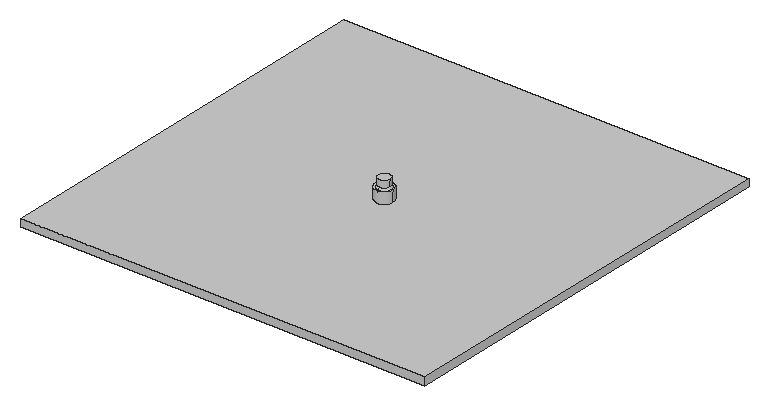
Revit family "SG0086523061CW", category Aparatos sanitarios, Revit 2019 (continued)
Automatic sketch dimensions
  Extrusion 160 sketch curve to plane 6 = 75.0 mm
  plane 3 "Centro (Izquierda/Derecha)" to Extrusion 161 sketch curve = 25.0 mm
  Extrusion 161 sketch curve to plane 6 = 75.0 mm
  plane 3 "Centro (Izquierda/Derecha)" to Extrusion 162 sketch curve = 50.0 mm
  Extrusion 162 sketch curve to plane 6 = 75.0 mm
  plane 3 "Centro (Izquierda/Derecha)" to Extrusion 163 sketch curve = 50.0 mm
  Extrusion 163 sketch curve to plane 6 = 75.0 mm
  plane 3 "Centro (Izquierda/Derecha)" to Extrusion 164 sketch curve = 75.0 mm
  Extrusion 164 sketch curve to plane 6 = 75.0 mm
  plane 3 "Centro (Izquierda/Derecha)" to Extrusion 165 sketch curve = 75.0 mm
  Extrusion 165 sketch curve to plane 6 = 75.0 mm
  plane 3 "Centro (Izquierda/Derecha)" to Extrusion 166 sketch curve = 100.0 mm
  Extrusion 166 sketch curve to plane 6 = 75.0 mm
  plane 3 "Centro (Izquierda/Derecha)" to Extrusion 167 sketch curve = 100.0 mm
  Extrusion 167 sketch curve to plane 6 = 75.0 mm
  plane 3 "Centro (Izquierda/Derecha)" to Extrusion 168 sketch curve = 125.0 mm
  Extrusion 168 sketch curve to plane 6 = 75.0 mm
  plane 3 "Centro (Izquierda/Derecha)" to Extrusion 169 sketch curve = 125.0 mm
  Extrusion 169 sketch curve to plane 6 = 75.0 mm
  plane 3 "Centro (Izquierda/Derecha)" to Extrusion 170 sketch curve = 150.0 mm
  Extrusion 170 sketch curve to plane 6 = 75.0 mm
  plane 3 "Centro (Izquierda/Derecha)" to Extrusion 171 sketch curve = 150.0 mm
  Extrusion 171 sketch curve to plane 6 = 75.0 mm
  Extrusion 172 sketch curve to plane 6 = 75.0 mm
  plane 3 "Centro (Izquierda/Derecha)" to Extrusion 172 sketch curve = 175.0 mm
  Extrusion 173 sketch curve to plane 6 = 75.0 mm
  plane 3 "Centro (Izquierda/Derecha)" to Extrusion 173 sketch curve = 175.0 mm
  Extrusion 174 sketch curve to plane 6 = 75.0 mm
  plane 3 "Centro (Izquierda/Derecha)" to Extrusion 174 sketch curve = 200.0 mm
  Extrusion 175 sketch curve to plane 6 = 75.0 mm
  plane 3 "Centro (Izquierda/Derecha)" to Extrusion 175 sketch curve = 200.0 mm
  Extrusion 176 sketch curve to plane 6 = 75.0 mm
  plane 5 to Extrusion 176 sketch curve = 175.0 mm
  Extrusion 177 sketch curve to plane 6 = 75.0 mm
  plane 5 to Extrusion 177 sketch curve = 175.0 mm
  plane 5 to Extrusion 178 sketch curve = 150.0 mm
  Extrusion 178 sketch curve to plane 6 = 75.0 mm
  plane 5 to Extrusion 179 sketch curve = 150.0 mm
  Extrusion 179 sketch curve to plane 6 = 75.0 mm
  plane 5 to Extrusion 180 sketch curve = 125.0 mm
  Extrusion 180 sketch curve to plane 6 = 75.0 mm
  plane 5 to Extrusion 181 sketch curve = 125.0 mm
  Extrusion 181 sketch curve to plane 6 = 75.0 mm
  plane 5 to Extrusion 182 sketch curve = 100.0 mm
  Extrusion 182 sketch curve to plane 6 = 75.0 mm
  plane 5 to Extrusion 183 sketch curve = 100.0 mm
  Extrusion 183 sketch curve to plane 6 = 75.0 mm
  plane 5 to Extrusion 184 sketch curve = 75.0 mm
  Extrusion 184 sketch curve to plane 6 = 75.0 mm
  plane 5 to Extrusion 185 sketch curve = 75.0 mm
  Extrusion 185 sketch curve to plane 6 = 75.0 mm
  plane 5 to Extrusion 186 sketch curve = 50.0 mm
  Extrusion 186 sketch curve to plane 6 = 75.0 mm
  plane 5 to Extrusion 187 sketch curve = 50.0 mm
  Extrusion 187 sketch curve to plane 6 = 75.0 mm
  plane 5 to Extrusion 188 sketch curve = 25.0 mm
  Extrusion 188 sketch curve to plane 6 = 75.0 mm
  plane 5 to Extrusion 189 sketch curve = 25.0 mm
  Extrusion 189 sketch curve to plane 6 = 75.0 mm
  Extrusion 190 sketch curve to plane 4 = 25.0 mm
  Extrusion 190 sketch curve to plane 6 = 100.0 mm
  Extrusion 191 sketch curve to plane 4 = 25.0 mm
  Extrusion 191 sketch curve to plane 6 = 100.0 mm
  Extrusion 192 sketch curve to plane 4 = 50.0 mm
  Extrusion 192 sketch curve to plane 6 = 100.0 mm
  Extrusion 193 sketch curve to plane 4 = 50.0 mm
  Extrusion 193 sketch curve to plane 6 = 100.0 mm
  Extrusion 194 sketch curve to plane 4 = 75.0 mm
  Extrusion 194 sketch curve to plane 6 = 100.0 mm
  Extrusion 195 sketch curve to plane 4 = 75.0 mm
  Extrusion 195 sketch curve to plane 6 = 100.0 mm
  Extrusion 196 sketch curve to plane 4 = 100.0 mm
  Extrusion 196 sketch curve to plane 6 = 100.0 mm
  Extrusion 197 sketch curve to plane 4 = 100.0 mm
  Extrusion 197 sketch curve to plane 6 = 100.0 mm
  Extrusion 198 sketch curve to plane 4 = 125.0 mm
  Extrusion 198 sketch curve to plane 6 = 100.0 mm
  Extrusion 199 sketch curve to plane 4 = 125.0 mm
  Extrusion 199 sketch curve to plane 6 = 100.0 mm
  Extrusion 200 sketch curve to plane 4 = 150.0 mm
  Extrusion 200 sketch curve to plane 6 = 100.0 mm
  Extrusion 201 sketch curve to plane 4 = 150.0 mm
  Extrusion 201 sketch curve to plane 6 = 100.0 mm
  Extrusion 202 sketch curve to plane 4 = 175.0 mm
  Extrusion 202 sketch curve to plane 6 = 100.0 mm
  Extrusion 203 sketch curve to plane 4 = 175.0 mm
  Extrusion 203 sketch curve to plane 6 = 100.0 mm
  Extrusion 204 sketch curve to plane 3 "Centro (Izquierda/Derecha)" = 200.0 mm
  Extrusion 204 sketch curve to plane 6 = 100.0 mm
  Extrusion 205 sketch curve to plane 3 "Centro (Izquierda/Derecha)" = 200.0 mm
  Extrusion 205 sketch curve to plane 6 = 100.0 mm
  Extrusion 206 sketch curve to plane 3 "Centro (Izquierda/Derecha)" = 175.0 mm
  Extrusion 206 sketch curve to plane 6 = 100.0 mm
  Extrusion 207 sketch curve to plane 3 "Centro (Izquierda/Derecha)" = 175.0 mm
  Extrusion 207 sketch curve to plane 6 = 100.0 mm
  Extrusion 208 sketch curve to plane 3 "Centro (Izquierda/Derecha)" = 150.0 mm
  Extrusion 208 sketch curve to plane 6 = 100.0 mm
  Extrusion 209 sketch curve to plane 3 "Centro (Izquierda/Derecha)" = 150.0 mm
  Extrusion 209 sketch curve to plane 6 = 100.0 mm
  Extrusion 210 sketch curve to plane 3 "Centro (Izquierda/Derecha)" = 125.0 mm
  Extrusion 210 sketch curve to plane 6 = 100.0 mm
  Extrusion 211 sketch curve to plane 3 "Centro (Izquierda/Derecha)" = 125.0 mm
  Extrusion 211 sketch curve to plane 6 = 100.0 mm
  Extrusion 212 sketch curve to plane 3 "Centro (Izquierda/Derecha)" = 100.0 mm
  Extrusion 212 sketch curve to plane 6 = 100.0 mm
  Extrusion 213 sketch curve to plane 3 "Centro (Izquierda/Derecha)" = 100.0 mm
  Extrusion 213 sketch curve to plane 6 = 100.0 mm
  Extrusion 214 sketch curve to plane 3 "Centro (Izquierda/Derecha)" = 75.0 mm
  Extrusion 214 sketch curve to plane 6 = 100.0 mm
  Extrusion 215 sketch curve to plane 3 "Centro (Izquierda/Derecha)" = 75.0 mm
  Extrusion 215 sketch curve to plane 6 = 100.0 mm
  Extrusion 216 sketch curve to plane 3 "Centro (Izquierda/Derecha)" = 50.0 mm
  Extrusion 216 sketch curve to plane 6 = 100.0 mm
  Extrusion 217 sketch curve to plane 3 "Centro (Izquierda/Derecha)" = 50.0 mm
  Extrusion 217 sketch curve to plane 6 = 100.0 mm
  Extrusion 218 sketch curve to plane 3 "Centro (Izquierda/Derecha)" = 25.0 mm
  Extrusion 218 sketch curve to plane 6 = 100.0 mm
  Extrusion 219 sketch curve to plane 3 "Centro (Izquierda/Derecha)" = 25.0 mm
  Extrusion 219 sketch curve to plane 6 = 100.0 mm
  Extrusion 220 sketch curve to plane 3 "Centro (Izquierda/Derecha)" = 0.0 mm
  Extrusion 220 sketch curve to plane 6 = 100.0 mm
  Extrusion 221 sketch curve to plane 3 "Centro (Izquierda/Derecha)" = 0.0 mm
  Extrusion 221 sketch curve to plane 6 = 100.0 mm
  plane 3 "Centro (Izquierda/Derecha)" to Extrusion 222 sketch curve = 25.0 mm
  Extrusion 222 sketch curve to plane 6 = 100.0 mm
  plane 3 "Centro (Izquierda/Derecha)" to Extrusion 223 sketch curve = 25.0 mm
  Extrusion 223 sketch curve to plane 6 = 100.0 mm
  plane 3 "Centro (Izquierda/Derecha)" to Extrusion 224 sketch curve = 50.0 mm
  Extrusion 224 sketch curve to plane 6 = 100.0 mm
  plane 3 "Centro (Izquierda/Derecha)" to Extrusion 225 sketch curve = 50.0 mm
  Extrusion 225 sketch curve to plane 6 = 100.0 mm
  plane 3 "Centro (Izquierda/Derecha)" to Extrusion 226 sketch curve = 75.0 mm
  Extrusion 226 sketch curve to plane 6 = 100.0 mm
  plane 3 "Centro (Izquierda/Derecha)" to Extrusion 227 sketch curve = 75.0 mm
  Extrusion 227 sketch curve to plane 6 = 100.0 mm
  plane 3 "Centro (Izquierda/Derecha)" to Extrusion 228 sketch curve = 100.0 mm
  Extrusion 228 sketch curve to plane 6 = 100.0 mm
  plane 3 "Centro (Izquierda/Derecha)" to Extrusion 229 sketch curve = 100.0 mm
  Extrusion 229 sketch curve to plane 6 = 100.0 mm
  plane 3 "Centro (Izquierda/Derecha)" to Extrusion 230 sketch curve = 125.0 mm
  Extrusion 230 sketch curve to plane 6 = 100.0 mm
  plane 3 "Centro (Izquierda/Derecha)" to Extrusion 231 sketch curve = 125.0 mm
  Extrusion 231 sketch curve to plane 6 = 100.0 mm
  plane 3 "Centro (Izquierda/Derecha)" to Extrusion 232 sketch curve = 150.0 mm
  Extrusion 232 sketch curve to plane 6 = 100.0 mm
  plane 3 "Centro (Izquierda/Derecha)" to Extrusion 233 sketch curve = 150.0 mm
  Extrusion 233 sketch curve to plane 6 = 100.0 mm
  plane 3 "Centro (Izquierda/Derecha)" to Extrusion 234 sketch curve = 175.0 mm
  Extrusion 234 sketch curve to plane 6 = 100.0 mm
  plane 3 "Centro (Izquierda/Derecha)" to Extrusion 235 sketch curve = 175.0 mm
  Extrusion 235 sketch curve to plane 6 = 100.0 mm
  plane 3 "Centro (Izquierda/Derecha)" to Extrusion 236 sketch curve = 200.0 mm
  Extrusion 236 sketch curve to plane 6 = 100.0 mm
  plane 3 "Centro (Izquierda/Derecha)" to Extrusion 237 sketch curve = 200.0 mm
  Extrusion 237 sketch curve to plane 6 = 100.0 mm
  plane 5 to Extrusion 238 sketch curve = 175.0 mm
  Extrusion 238 sketch curve to plane 6 = 100.0 mm
  plane 5 to Extrusion 239 sketch curve = 175.0 mm
  Extrusion 239 sketch curve to plane 6 = 100.0 mm
  plane 5 to Extrusion 240 sketch curve = 150.0 mm
  Extrusion 240 sketch curve to plane 6 = 100.0 mm
  plane 5 to Extrusion 241 sketch curve = 150.0 mm
  Extrusion 241 sketch curve to plane 6 = 100.0 mm
  plane 5 to Extrusion 242 sketch curve = 125.0 mm
  Extrusion 242 sketch curve to plane 6 = 100.0 mm
  plane 5 to Extrusion 243 sketch curve = 125.0 mm
  Extrusion 243 sketch curve to plane 6 = 100.0 mm
  plane 5 to Extrusion 244 sketch curve = 100.0 mm
  Extrusion 244 sketch curve to plane 6 = 100.0 mm
  plane 5 to Extrusion 245 sketch curve = 100.0 mm
  Extrusion 245 sketch curve to plane 6 = 100.0 mm
  plane 5 to Extrusion 246 sketch curve = 75.0 mm
  Extrusion 246 sketch curve to plane 6 = 100.0 mm
  plane 5 to Extrusion 247 sketch curve = 75.0 mm
  Extrusion 247 sketch curve to plane 6 = 100.0 mm
  plane 5 to Extrusion 248 sketch curve = 50.0 mm
  Extrusion 248 sketch curve to plane 6 = 100.0 mm
  plane 5 to Extrusion 249 sketch curve = 50.0 mm
  Extrusion 249 sketch curve to plane 6 = 100.0 mm
  plane 5 to Extrusion 250 sketch curve = 25.0 mm
  Extrusion 250 sketch curve to plane 6 = 100.0 mm
  plane 5 to Extrusion 251 sketch curve = 25.0 mm
  Extrusion 251 sketch curve to plane 6 = 100.0 mm
  Extrusion 252 sketch curve to plane 4 = 25.0 mm
  Extrusion 252 sketch curve to plane 6 = 125.0 mm
  Extrusion 253 sketch curve to plane 4 = 25.0 mm
  Extrusion 253 sketch curve to plane 6 = 125.0 mm
  Extrusion 254 sketch curve to plane 4 = 50.0 mm
  Extrusion 254 sketch curve to plane 6 = 125.0 mm
  Extrusion 255 sketch curve to plane 4 = 50.0 mm
  Extrusion 255 sketch curve to plane 6 = 125.0 mm
  Extrusion 256 sketch curve to plane 4 = 75.0 mm
  Extrusion 256 sketch curve to plane 6 = 125.0 mm
  Extrusion 257 sketch curve to plane 4 = 75.0 mm
  Extrusion 257 sketch curve to plane 6 = 125.0 mm
  Extrusion 258 sketch curve to plane 4 = 100.0 mm
  Extrusion 258 sketch curve to plane 6 = 125.0 mm
  Extrusion 259 sketch curve to plane 4 = 100.0 mm
  Extrusion 259 sketch curve to plane 6 = 125.0 mm
  Extrusion 260 sketch curve to plane 4 = 125.0 mm
  Extrusion 260 sketch curve to plane 6 = 125.0 mm
  Extrusion 261 sketch curve to plane 4 = 125.0 mm
  Extrusion 261 sketch curve to plane 6 = 125.0 mm
  Extrusion 262 sketch curve to plane 4 = 150.0 mm
  Extrusion 262 sketch curve to plane 6 = 125.0 mm
  Extrusion 263 sketch curve to plane 4 = 150.0 mm
  Extrusion 263 sketch curve to plane 6 = 125.0 mm
  Extrusion 264 sketch curve to plane 4 = 175.0 mm
  Extrusion 264 sketch curve to plane 6 = 125.0 mm
  Extrusion 265 sketch curve to plane 4 = 175.0 mm
  Extrusion 265 sketch curve to plane 6 = 125.0 mm
  Extrusion 266 sketch curve to plane 3 "Centro (Izquierda/Derecha)" = 200.0 mm
  Extrusion 266 sketch curve to plane 6 = 125.0 mm
  Extrusion 267 sketch curve to plane 3 "Centro (Izquierda/Derecha)" = 200.0 mm
  Extrusion 267 sketch curve to plane 6 = 125.0 mm
  Extrusion 268 sketch curve to plane 3 "Centro (Izquierda/Derecha)" = 175.0 mm
  Extrusion 268 sketch curve to plane 6 = 125.0 mm
  Extrusion 269 sketch curve to plane 3 "Centro (Izquierda/Derecha)" = 175.0 mm
  Extrusion 269 sketch curve to plane 6 = 125.0 mm
  Extrusion 270 sketch curve to plane 3 "Centro (Izquierda/Derecha)" = 150.0 mm
  Extrusion 270 sketch curve to plane 6 = 125.0 mm
  Extrusion 271 sketch curve to plane 3 "Centro (Izquierda/Derecha)" = 150.0 mm
  Extrusion 271 sketch curve to plane 6 = 125.0 mm
  Extrusion 272 sketch curve to plane 3 "Centro (Izquierda/Derecha)" = 125.0 mm
  Extrusion 272 sketch curve to plane 6 = 125.0 mm
  Extrusion 273 sketch curve to plane 3 "Centro (Izquierda/Derecha)" = 125.0 mm
  Extrusion 273 sketch curve to plane 6 = 125.0 mm
  Extrusion 274 sketch curve to plane 3 "Centro (Izquierda/Derecha)" = 100.0 mm
  Extrusion 274 sketch curve to plane 6 = 125.0 mm
  Extrusion 275 sketch curve to plane 3 "Centro (Izquierda/Derecha)" = 100.0 mm
  Extrusion 275 sketch curve to plane 6 = 125.0 mm
  Extrusion 276 sketch curve to plane 3 "Centro (Izquierda/Derecha)" = 75.0 mm
  Extrusion 276 sketch curve to plane 6 = 125.0 mm
  Extrusion 277 sketch curve to plane 3 "Centro (Izquierda/Derecha)" = 75.0 mm
  Extrusion 277 sketch curve to plane 6 = 125.0 mm
  Extrusion 278 sketch curve to plane 3 "Centro (Izquierda/Derecha)" = 50.0 mm
  Extrusion 278 sketch curve to plane 6 = 125.0 mm
  Extrusion 279 sketch curve to plane 3 "Centro (Izquierda/Derecha)" = 50.0 mm
  Extrusion 279 sketch curve to plane 6 = 125.0 mm
  Extrusion 280 sketch curve to plane 3 "Centro (Izquierda/Derecha)" = 25.0 mm
  Extrusion 280 sketch curve to plane 6 = 125.0 mm
  Extrusion 281 sketch curve to plane 3 "Centro (Izquierda/Derecha)" = 25.0 mm
  Extrusion 281 sketch curve to plane 6 = 125.0 mm
  Extrusion 282 sketch curve to plane 3 "Centro (Izquierda/Derecha)" = 0.0 mm
  Extrusion 282 sketch curve to plane 6 = 125.0 mm
  Extrusion 283 sketch curve to plane 3 "Centro (Izquierda/Derecha)" = 0.0 mm
  Extrusion 283 sketch curve to plane 6 = 125.0 mm
  plane 3 "Centro (Izquierda/Derecha)" to Extrusion 284 sketch curve = 25.0 mm
  Extrusion 284 sketch curve to plane 6 = 125.0 mm
  plane 3 "Centro (Izquierda/Derecha)" to Extrusion 285 sketch curve = 25.0 mm
  Extrusion 285 sketch curve to plane 6 = 125.0 mm
  plane 3 "Centro (Izquierda/Derecha)" to Extrusion 286 sketch curve = 50.0 mm
  Extrusion 286 sketch curve to plane 6 = 125.0 mm
  plane 3 "Centro (Izquierda/Derecha)" to Extrusion 287 sketch curve = 50.0 mm
  Extrusion 287 sketch curve to plane 6 = 125.0 mm
  plane 3 "Centro (Izquierda/Derecha)" to Extrusion 288 sketch curve = 75.0 mm
  Extrusion 288 sketch curve to plane 6 = 125.0 mm
  plane 3 "Centro (Izquierda/Derecha)" to Extrusion 289 sketch curve = 75.0 mm
  Extrusion 289 sketch curve to plane 6 = 125.0 mm
  plane 3 "Centro (Izquierda/Derecha)" to Extrusion 290 sketch curve = 100.0 mm
  Extrusion 290 sketch curve to plane 6 = 125.0 mm
  plane 3 "Centro (Izquierda/Derecha)" to Extrusion 291 sketch curve = 100.0 mm
  Extrusion 291 sketch curve to plane 6 = 125.0 mm
  plane 3 "Centro (Izquierda/Derecha)" to Extrusion 292 sketch curve = 125.0 mm
  Extrusion 292 sketch curve to plane 6 = 125.0 mm
  plane 3 "Centro (Izquierda/Derecha)" to Extrusion 293 sketch curve = 125.0 mm
  Extrusion 293 sketch curve to plane 6 = 125.0 mm
  plane 3 "Centro (Izquierda/Derecha)" to Extrusion 294 sketch curve = 150.0 mm
  Extrusion 294 sketch curve to plane 6 = 125.0 mm
  plane 3 "Centro (Izquierda/Derecha)" to Extrusion 295 sketch curve = 150.0 mm
  Extrusion 295 sketch curve to plane 6 = 125.0 mm
  plane 3 "Centro (Izquierda/Derecha)" to Extrusion 296 sketch curve = 175.0 mm
  Extrusion 296 sketch curve to plane 6 = 125.0 mm
  plane 3 "Centro (Izquierda/Derecha)" to Extrusion 297 sketch curve = 175.0 mm
  Extrusion 297 sketch curve to plane 6 = 125.0 mm
  plane 3 "Centro (Izquierda/Derecha)" to Extrusion 298 sketch curve = 200.0 mm
  Extrusion 298 sketch curve to plane 6 = 125.0 mm
  plane 3 "Centro (Izquierda/Derecha)" to Extrusion 299 sketch curve = 200.0 mm
  Extrusion 299 sketch curve to plane 6 = 125.0 mm
  plane 5 to Extrusion 300 sketch curve = 175.0 mm
  Extrusion 300 sketch curve to plane 6 = 125.0 mm
  plane 5 to Extrusion 301 sketch curve = 175.0 mm
  Extrusion 301 sketch curve to plane 6 = 125.0 mm
  plane 5 to Extrusion 302 sketch curve = 150.0 mm
  Extrusion 302 sketch curve to plane 6 = 125.0 mm
  plane 5 to Extrusion 303 sketch curve = 150.0 mm
  Extrusion 303 sketch curve to plane 6 = 125.0 mm
  plane 5 to Extrusion 304 sketch curve = 125.0 mm
  Extrusion 304 sketch curve to plane 6 = 125.0 mm
  plane 5 to Extrusion 305 sketch curve = 125.0 mm
  Extrusion 305 sketch curve to plane 6 = 125.0 mm
  plane 5 to Extrusion 306 sketch curve = 100.0 mm
  Extrusion 306 sketch curve to plane 6 = 125.0 mm
  plane 5 to Extrusion 307 sketch curve = 100.0 mm
  Extrusion 307 sketch curve to plane 6 = 125.0 mm
  plane 5 to Extrusion 308 sketch curve = 75.0 mm
  Extrusion 308 sketch curve to plane 6 = 125.0 mm
  plane 5 to Extrusion 309 sketch curve = 75.0 mm
  Extrusion 309 sketch curve to plane 6 = 125.0 mm
  plane 5 to Extrusion 310 sketch curve = 50.0 mm
  Extrusion 310 sketch curve to plane 6 = 125.0 mm
  plane 5 to Extrusion 311 sketch curve = 50.0 mm
  Extrusion 311 sketch curve to plane 6 = 125.0 mm
  plane 5 to Extrusion 312 sketch curve = 25.0 mm
  Extrusion 312 sketch curve to plane 6 = 125.0 mm
  plane 5 to Extrusion 313 sketch curve = 25.0 mm
  Extrusion 313 sketch curve to plane 6 = 125.0 mm
  Extrusion 314 sketch curve to plane 4 = 25.0 mm
  Extrusion 314 sketch curve to plane 6 = 150.0 mm
  Extrusion 315 sketch curve to plane 4 = 25.0 mm
  Extrusion 315 sketch curve to plane 6 = 150.0 mm
  Extrusion 316 sketch curve to plane 4 = 50.0 mm
  Extrusion 316 sketch curve to plane 6 = 150.0 mm
  Extrusion 317 sketch curve to plane 4 = 50.0 mm
  Extrusion 317 sketch curve to plane 6 = 150.0 mm
  Extrusion 318 sketch curve to plane 4 = 75.0 mm
  Extrusion 318 sketch curve to plane 6 = 150.0 mm
  Extrusion 319 sketch curve to plane 4 = 75.0 mm
  Extrusion 319 sketch curve to plane 6 = 150.0 mm
  Extrusion 320 sketch curve to plane 4 = 100.0 mm
  Extrusion 320 sketch curve to plane 6 = 150.0 mm
  Extrusion 321 sketch curve to plane 4 = 100.0 mm
  Extrusion 321 sketch curve to plane 6 = 150.0 mm
  Extrusion 322 sketch curve to plane 4 = 125.0 mm
  Extrusion 322 sketch curve to plane 6 = 150.0 mm
  Extrusion 323 sketch curve to plane 4 = 125.0 mm
  Extrusion 323 sketch curve to plane 6 = 150.0 mm
  Extrusion 324 sketch curve to plane 4 = 150.0 mm
  Extrusion 324 sketch curve to plane 6 = 150.0 mm
  Extrusion 325 sketch curve to plane 4 = 150.0 mm
  Extrusion 325 sketch curve to plane 6 = 150.0 mm
  Extrusion 326 sketch curve to plane 4 = 175.0 mm
  Extrusion 326 sketch curve to plane 6 = 150.0 mm
  Extrusion 327 sketch curve to plane 4 = 175.0 mm
  Extrusion 327 sketch curve to plane 6 = 150.0 mm
  Extrusion 328 sketch curve to plane 3 "Centro (Izquierda/Derecha)" = 200.0 mm
  Extrusion 328 sketch curve to plane 6 = 150.0 mm
  Extrusion 329 sketch curve to plane 3 "Centro (Izquierda/Derecha)" = 200.0 mm
  Extrusion 329 sketch curve to plane 6 = 150.0 mm
  Extrusion 330 sketch curve to plane 3 "Centro (Izquierda/Derecha)" = 175.0 mm
  Extrusion 330 sketch curve to plane 6 = 150.0 mm
  Extrusion 331 sketch curve to plane 3 "Centro (Izquierda/Derecha)" = 175.0 mm
  Extrusion 331 sketch curve to plane 6 = 150.0 mm
  Extrusion 332 sketch curve to plane 3 "Centro (Izquierda/Derecha)" = 150.0 mm
  Extrusion 332 sketch curve to plane 6 = 150.0 mm
  Extrusion 333 sketch curve to plane 3 "Centro (Izquierda/Derecha)" = 150.0 mm
  Extrusion 333 sketch curve to plane 6 = 150.0 mm
  Extrusion 334 sketch curve to plane 3 "Centro (Izquierda/Derecha)" = 125.0 mm
  Extrusion 334 sketch curve to plane 6 = 150.0 mm
  Extrusion 335 sketch curve to plane 3 "Centro (Izquierda/Derecha)" = 125.0 mm
  Extrusion 335 sketch curve to plane 6 = 150.0 mm
  Extrusion 336 sketch curve to plane 3 "Centro (Izquierda/Derecha)" = 100.0 mm
  Extrusion 336 sketch curve to plane 6 = 150.0 mm
  Extrusion 337 sketch curve to plane 3 "Centro (Izquierda/Derecha)" = 100.0 mm
  Extrusion 337 sketch curve to plane 6 = 150.0 mm
  Extrusion 338 sketch curve to plane 3 "Centro (Izquierda/Derecha)" = 75.0 mm
  Extrusion 338 sketch curve to plane 6 = 150.0 mm
  Extrusion 339 sketch curve to plane 3 "Centro (Izquierda/Derecha)" = 75.0 mm
  Extrusion 339 sketch curve to plane 6 = 150.0 mm
  Extrusion 340 sketch curve to plane 3 "Centro (Izquierda/Derecha)" = 50.0 mm
  Extrusion 340 sketch curve to plane 6 = 150.0 mm
  Extrusion 341 sketch curve to plane 3 "Centro (Izquierda/Derecha)" = 50.0 mm
  Extrusion 341 sketch curve to plane 6 = 150.0 mm
  Extrusion 342 sketch curve to plane 3 "Centro (Izquierda/Derecha)" = 25.0 mm
  Extrusion 342 sketch curve to plane 6 = 150.0 mm
  Extrusion 343 sketch curve to plane 3 "Centro (Izquierda/Derecha)" = 25.0 mm
  Extrusion 343 sketch curve to plane 6 = 150.0 mm
  Extrusion 344 sketch curve to plane 3 "Centro (Izquierda/Derecha)" = 0.0 mm
  Extrusion 344 sketch curve to plane 6 = 150.0 mm
  Extrusion 345 sketch curve to plane 3 "Centro (Izquierda/Derecha)" = 0.0 mm
  Extrusion 345 sketch curve to plane 6 = 150.0 mm
  plane 3 "Centro (Izquierda/Derecha)" to Extrusion 346 sketch curve = 25.0 mm
  Extrusion 346 sketch curve to plane 6 = 150.0 mm
  plane 3 "Centro (Izquierda/Derecha)" to Extrusion 347 sketch curve = 25.0 mm
  Extrusion 347 sketch curve to plane 6 = 150.0 mm
  plane 3 "Centro (Izquierda/Derecha)" to Extrusion 348 sketch curve = 50.0 mm
  Extrusion 348 sketch curve to plane 6 = 150.0 mm
  plane 3 "Centro (Izquierda/Derecha)" to Extrusion 349 sketch curve = 50.0 mm
  Extrusion 349 sketch curve to plane 6 = 150.0 mm
  plane 3 "Centro (Izquierda/Derecha)" to Extrusion 350 sketch curve = 75.0 mm
  Extrusion 350 sketch curve to plane 6 = 150.0 mm
  plane 3 "Centro (Izquierda/Derecha)" to Extrusion 351 sketch curve = 75.0 mm
  Extrusion 351 sketch curve to plane 6 = 150.0 mm
  plane 3 "Centro (Izquierda/Derecha)" to Extrusion 352 sketch curve = 100.0 mm
  Extrusion 352 sketch curve to plane 6 = 150.0 mm
  plane 3 "Centro (Izquierda/Derecha)" to Extrusion 353 sketch curve = 100.0 mm
  Extrusion 353 sketch curve to plane 6 = 150.0 mm
  plane 3 "Centro (Izquierda/Derecha)" to Extrusion 354 sketch curve = 125.0 mm
  Extrusion 354 sketch curve to plane 6 = 150.0 mm
  plane 3 "Centro (Izquierda/Derecha)" to Extrusion 355 sketch curve = 125.0 mm
  Extrusion 355 sketch curve to plane 6 = 150.0 mm
  plane 3 "Centro (Izquierda/Derecha)" to Extrusion 356 sketch curve = 150.0 mm
  Extrusion 356 sketch curve to plane 6 = 150.0 mm
  plane 3 "Centro (Izquierda/Derecha)" to Extrusion 357 sketch curve = 150.0 mm
  Extrusion 357 sketch curve to plane 6 = 150.0 mm
  plane 3 "Centro (Izquierda/Derecha)" to Extrusion 358 sketch curve = 175.0 mm
  Extrusion 358 sketch curve to plane 6 = 150.0 mm
  plane 3 "Centro (Izquierda/Derecha)" to Extrusion 359 sketch curve = 175.0 mm
  Extrusion 359 sketch curve to plane 6 = 150.0 mm
  plane 3 "Centro (Izquierda/Derecha)" to Extrusion 360 sketch curve = 200.0 mm
  Extrusion 360 sketch curve to plane 6 = 150.0 mm
  plane 3 "Centro (Izquierda/Derecha)" to Extrusion 361 sketch curve = 200.0 mm
  Extrusion 361 sketch curve to plane 6 = 150.0 mm
  plane 5 to Extrusion 362 sketch curve = 175.0 mm
  Extrusion 362 sketch curve to plane 6 = 150.0 mm
  plane 5 to Extrusion 363 sketch curve = 175.0 mm
  Extrusion 363 sketch curve to plane 6 = 150.0 mm
  plane 5 to Extrusion 364 sketch curve = 150.0 mm
  Extrusion 364 sketch curve to plane 6 = 150.0 mm
  plane 5 to Extrusion 365 sketch curve = 150.0 mm
  Extrusion 365 sketch curve to plane 6 = 150.0 mm
  plane 5 to Extrusion 366 sketch curve = 125.0 mm
  Extrusion 366 sketch curve to plane 6 = 150.0 mm
  plane 5 to Extrusion 367 sketch curve = 125.0 mm
  Extrusion 367 sketch curve to plane 6 = 150.0 mm
  plane 5 to Extrusion 368 sketch curve = 100.0 mm
  Extrusion 368 sketch curve to plane 6 = 150.0 mm
  plane 5 to Extrusion 369 sketch curve = 100.0 mm
  Extrusion 369 sketch curve to plane 6 = 150.0 mm
  plane 5 to Extrusion 370 sketch curve = 75.0 mm
  Extrusion 370 sketch curve to plane 6 = 150.0 mm
  plane 5 to Extrusion 371 sketch curve = 75.0 mm
  Extrusion 371 sketch curve to plane 6 = 150.0 mm
  plane 5 to Extrusion 372 sketch curve = 50.0 mm
  Extrusion 372 sketch curve to plane 6 = 150.0 mm
  plane 5 to Extrusion 373 sketch curve = 50.0 mm
  Extrusion 373 sketch curve to plane 6 = 150.0 mm
  plane 5 to Extrusion 374 sketch curve = 25.0 mm
  Extrusion 374 sketch curve to plane 6 = 150.0 mm
  plane 5 to Extrusion 375 sketch curve = 25.0 mm
  Extrusion 375 sketch curve to plane 6 = 150.0 mm
  Extrusion 376 sketch curve to plane 4 = 25.0 mm
  Extrusion 376 sketch curve to plane 6 = 175.0 mm
  Extrusion 377 sketch curve to plane 4 = 25.0 mm
  Extrusion 377 sketch curve to plane 6 = 175.0 mm
  Extrusion 378 sketch curve to plane 4 = 50.0 mm
  Extrusion 378 sketch curve to plane 6 = 175.0 mm
  Extrusion 379 sketch curve to plane 4 = 50.0 mm
  Extrusion 379 sketch curve to plane 6 = 175.0 mm
  Extrusion 380 sketch curve to plane 4 = 75.0 mm
  Extrusion 380 sketch curve to plane 6 = 175.0 mm
  Extrusion 381 sketch curve to plane 4 = 75.0 mm
  Extrusion 381 sketch curve to plane 6 = 175.0 mm
  Extrusion 382 sketch curve to plane 4 = 100.0 mm
  Extrusion 382 sketch curve to plane 6 = 175.0 mm
  Extrusion 383 sketch curve to plane 4 = 100.0 mm
  Extrusion 383 sketch curve to plane 6 = 175.0 mm
  Extrusion 384 sketch curve to plane 4 = 125.0 mm
  Extrusion 384 sketch curve to plane 6 = 175.0 mm
  Extrusion 385 sketch curve to plane 4 = 125.0 mm
  Extrusion 385 sketch curve to plane 6 = 175.0 mm
  Extrusion 386 sketch curve to plane 4 = 150.0 mm
  Extrusion 386 sketch curve to plane 6 = 175.0 mm
  Extrusion 387 sketch curve to plane 4 = 150.0 mm
  Extrusion 387 sketch curve to plane 6 = 175.0 mm
  Extrusion 388 sketch curve to plane 4 = 175.0 mm
  Extrusion 388 sketch curve to plane 6 = 175.0 mm
  Extrusion 389 sketch curve to plane 4 = 175.0 mm
  Extrusion 389 sketch curve to plane 6 = 175.0 mm
  Extrusion 390 sketch curve to plane 3 "Centro (Izquierda/Derecha)" = 200.0 mm
  Extrusion 390 sketch curve to plane 6 = 175.0 mm
  Extrusion 391 sketch curve to plane 3 "Centro (Izquierda/Derecha)" = 200.0 mm
  Extrusion 391 sketch curve to plane 6 = 175.0 mm
  Extrusion 392 sketch curve to plane 3 "Centro (Izquierda/Derecha)" = 175.0 mm
  Extrusion 392 sketch curve to plane 6 = 175.0 mm
  Extrusion 393 sketch curve to plane 3 "Centro (Izquierda/Derecha)" = 175.0 mm
  Extrusion 393 sketch curve to plane 6 = 175.0 mm
  Extrusion 394 sketch curve to plane 3 "Centro (Izquierda/Derecha)" = 150.0 mm
  Extrusion 394 sketch curve to plane 6 = 175.0 mm
  Extrusion 395 sketch curve to plane 3 "Centro (Izquierda/Derecha)" = 150.0 mm
  Extrusion 395 sketch curve to plane 6 = 175.0 mm
  Extrusion 396 sketch curve to plane 3 "Centro (Izquierda/Derecha)" = 125.0 mm
  Extrusion 396 sketch curve to plane 6 = 175.0 mm
  Extrusion 397 sketch curve to plane 3 "Centro (Izquierda/Derecha)" = 125.0 mm
  Extrusion 397 sketch curve to plane 6 = 175.0 mm
  Extrusion 398 sketch curve to plane 3 "Centro (Izquierda/Derecha)" = 100.0 mm
  Extrusion 398 sketch curve to plane 6 = 175.0 mm
  Extrusion 399 sketch curve to plane 3 "Centro (Izquierda/Derecha)" = 100.0 mm
  Extrusion 399 sketch curve to plane 6 = 175.0 mm
  Extrusion 400 sketch curve to plane 3 "Centro (Izquierda/Derecha)" = 75.0 mm
  Extrusion 400 sketch curve to plane 6 = 175.0 mm
  Extrusion 401 sketch curve to plane 3 "Centro (Izquierda/Derecha)" = 75.0 mm
  Extrusion 401 sketch curve to plane 6 = 175.0 mm
  Extrusion 402 sketch curve to plane 3 "Centro (Izquierda/Derecha)" = 50.0 mm
  Extrusion 402 sketch curve to plane 6 = 175.0 mm
  Extrusion 403 sketch curve to plane 3 "Centro (Izquierda/Derecha)" = 50.0 mm
  Extrusion 403 sketch curve to plane 6 = 175.0 mm
  Extrusion 404 sketch curve to plane 3 "Centro (Izquierda/Derecha)" = 25.0 mm
  Extrusion 404 sketch curve to plane 6 = 175.0 mm
  Extrusion 405 sketch curve to plane 3 "Centro (Izquierda/Derecha)" = 25.0 mm
  Extrusion 405 sketch curve to plane 6 = 175.0 mm
  Extrusion 406 sketch curve to plane 3 "Centro (Izquierda/Derecha)" = 0.0 mm
  Extrusion 406 sketch curve to plane 6 = 175.0 mm
  Extrusion 407 sketch curve to plane 3 "Centro (Izquierda/Derecha)" = 0.0 mm
  Extrusion 407 sketch curve to plane 6 = 175.0 mm
  plane 3 "Centro (Izquierda/Derecha)" to Extrusion 408 sketch curve = 25.0 mm
  Extrusion 408 sketch curve to plane 6 = 175.0 mm
  plane 3 "Centro (Izquierda/Derecha)" to Extrusion 409 sketch curve = 25.0 mm
  Extrusion 409 sketch curve to plane 6 = 175.0 mm
  plane 3 "Centro (Izquierda/Derecha)" to Extrusion 410 sketch curve = 50.0 mm
  Extrusion 410 sketch curve to plane 6 = 175.0 mm
  plane 3 "Centro (Izquierda/Derecha)" to Extrusion 411 sketch curve = 50.0 mm
  Extrusion 411 sketch curve to plane 6 = 175.0 mm
  plane 3 "Centro (Izquierda/Derecha)" to Extrusion 412 sketch curve = 75.0 mm
  Extrusion 412 sketch curve to plane 6 = 175.0 mm
  plane 3 "Centro (Izquierda/Derecha)" to Extrusion 413 sketch curve = 75.0 mm
  Extrusion 413 sketch curve to plane 6 = 175.0 mm
  plane 3 "Centro (Izquierda/Derecha)" to Extrusion 414 sketch curve = 100.0 mm
  Extrusion 414 sketch curve to plane 6 = 175.0 mm
  plane 3 "Centro (Izquierda/Derecha)" to Extrusion 415 sketch curve = 100.0 mm
  Extrusion 415 sketch curve to plane 6 = 175.0 mm
  plane 3 "Centro (Izquierda/Derecha)" to Extrusion 416 sketch curve = 125.0 mm
  Extrusion 416 sketch curve to plane 6 = 175.0 mm
  plane 3 "Centro (Izquierda/Derecha)" to Extrusion 417 sketch curve = 125.0 mm
  Extrusion 417 sketch curve to plane 6 = 175.0 mm
  plane 3 "Centro (Izquierda/Derecha)" to Extrusion 418 sketch curve = 150.0 mm
  Extrusion 418 sketch curve to plane 6 = 175.0 mm
  plane 3 "Centro (Izquierda/Derecha)" to Extrusion 419 sketch curve = 150.0 mm
  Extrusion 419 sketch curve to plane 6 = 175.0 mm
  plane 3 "Centro (Izquierda/Derecha)" to Extrusion 420 sketch curve = 175.0 mm
  Extrusion 420 sketch curve to plane 6 = 175.0 mm
  plane 3 "Centro (Izquierda/Derecha)" to Extrusion 421 sketch curve = 175.0 mm
  Extrusion 421 sketch curve to plane 6 = 175.0 mm
  plane 3 "Centro (Izquierda/Derecha)" to Extrusion 422 sketch curve = 200.0 mm
  Extrusion 422 sketch curve to plane 6 = 175.0 mm
  plane 3 "Centro (Izquierda/Derecha)" to Extrusion 423 sketch curve = 200.0 mm
  Extrusion 423 sketch curve to plane 6 = 175.0 mm
  plane 5 to Extrusion 424 sketch curve = 175.0 mm
  Extrusion 424 sketch curve to plane 6 = 175.0 mm
  plane 5 to Extrusion 425 sketch curve = 175.0 mm
  Extrusion 425 sketch curve to plane 6 = 175.0 mm
  plane 5 to Extrusion 426 sketch curve = 150.0 mm
  Extrusion 426 sketch curve to plane 6 = 175.0 mm
  plane 5 to Extrusion 427 sketch curve = 150.0 mm
  Extrusion 427 sketch curve to plane 6 = 175.0 mm
  plane 5 to Extrusion 428 sketch curve = 125.0 mm
  Extrusion 428 sketch curve to plane 6 = 175.0 mm
  plane 5 to Extrusion 429 sketch curve = 125.0 mm
  Extrusion 429 sketch curve to plane 6 = 175.0 mm
  plane 5 to Extrusion 430 sketch curve = 100.0 mm
  Extrusion 430 sketch curve to plane 6 = 175.0 mm
  plane 5 to Extrusion 431 sketch curve = 100.0 mm
  Extrusion 431 sketch curve to plane 6 = 175.0 mm
  plane 5 to Extrusion 432 sketch curve = 75.0 mm
  Extrusion 432 sketch curve to plane 6 = 175.0 mm
  plane 5 to Extrusion 433 sketch curve = 75.0 mm
  Extrusion 433 sketch curve to plane 6 = 175.0 mm
  plane 5 to Extrusion 434 sketch curve = 50.0 mm
  Extrusion 434 sketch curve to plane 6 = 175.0 mm
  plane 5 to Extrusion 435 sketch curve = 50.0 mm
  Extrusion 435 sketch curve to plane 6 = 175.0 mm
  plane 5 to Extrusion 436 sketch curve = 25.0 mm
  Extrusion 436 sketch curve to plane 6 = 175.0 mm
  plane 5 to Extrusion 437 sketch curve = 25.0 mm
  Extrusion 437 sketch curve to plane 6 = 175.0 mm
  Extrusion 438 sketch curve to plane 4 = 25.0 mm
  Extrusion 438 sketch curve to plane 1 "Centro (Frontal/Posterior)" = 200.0 mm
  Extrusion 439 sketch curve to plane 4 = 25.0 mm
  Extrusion 439 sketch curve to plane 1 "Centro (Frontal/Posterior)" = 200.0 mm
  Extrusion 440 sketch curve to plane 4 = 50.0 mm
  Extrusion 440 sketch curve to plane 1 "Centro (Frontal/Posterior)" = 200.0 mm
  Extrusion 441 sketch curve to plane 4 = 50.0 mm
  Extrusion 441 sketch curve to plane 1 "Centro (Frontal/Posterior)" = 200.0 mm
  Extrusion 442 sketch curve to plane 4 = 75.0 mm
  Extrusion 442 sketch curve to plane 1 "Centro (Frontal/Posterior)" = 200.0 mm
  Extrusion 443 sketch curve to plane 4 = 75.0 mm
  Extrusion 443 sketch curve to plane 1 "Centro (Frontal/Posterior)" = 200.0 mm
  Extrusion 444 sketch curve to plane 4 = 100.0 mm
  Extrusion 444 sketch curve to plane 1 "Centro (Frontal/Posterior)" = 200.0 mm
  Extrusion 445 sketch curve to plane 4 = 100.0 mm
  Extrusion 445 sketch curve to plane 1 "Centro (Frontal/Posterior)" = 200.0 mm
  Extrusion 446 sketch curve to plane 4 = 125.0 mm
  Extrusion 446 sketch curve to plane 1 "Centro (Frontal/Posterior)" = 200.0 mm
  Extrusion 447 sketch curve to plane 4 = 125.0 mm
  Extrusion 447 sketch curve to plane 1 "Centro (Frontal/Posterior)" = 200.0 mm
  Extrusion 448 sketch curve to plane 4 = 150.0 mm
  Extrusion 448 sketch curve to plane 1 "Centro (Frontal/Posterior)" = 200.0 mm
  Extrusion 449 sketch curve to plane 4 = 150.0 mm
  Extrusion 449 sketch curve to plane 1 "Centro (Frontal/Posterior)" = 200.0 mm
  Extrusion 450 sketch curve to plane 4 = 175.0 mm
  Extrusion 450 sketch curve to plane 1 "Centro (Frontal/Posterior)" = 200.0 mm
  Extrusion 451 sketch curve to plane 4 = 175.0 mm
  Extrusion 451 sketch curve to plane 1 "Centro (Frontal/Posterior)" = 200.0 mm
  Extrusion 452 sketch curve to plane 3 "Centro (Izquierda/Derecha)" = 200.0 mm
  Extrusion 452 sketch curve to plane 1 "Centro (Frontal/Posterior)" = 200.0 mm
  Extrusion 453 sketch curve to plane 3 "Centro (Izquierda/Derecha)" = 200.0 mm
  Extrusion 453 sketch curve to plane 1 "Centro (Frontal/Posterior)" = 200.0 mm
  Extrusion 454 sketch curve to plane 3 "Centro (Izquierda/Derecha)" = 175.0 mm
  Extrusion 454 sketch curve to plane 1 "Centro (Frontal/Posterior)" = 200.0 mm
  Extrusion 455 sketch curve to plane 3 "Centro (Izquierda/Derecha)" = 175.0 mm
  Extrusion 455 sketch curve to plane 1 "Centro (Frontal/Posterior)" = 200.0 mm
  Extrusion 456 sketch curve to plane 3 "Centro (Izquierda/Derecha)" = 150.0 mm
  Extrusion 456 sketch curve to plane 1 "Centro (Frontal/Posterior)" = 200.0 mm
  Extrusion 457 sketch curve to plane 3 "Centro (Izquierda/Derecha)" = 150.0 mm
  Extrusion 457 sketch curve to plane 1 "Centro (Frontal/Posterior)" = 200.0 mm
  Extrusion 458 sketch curve to plane 3 "Centro (Izquierda/Derecha)" = 125.0 mm
  Extrusion 458 sketch curve to plane 1 "Centro (Frontal/Posterior)" = 200.0 mm
  Extrusion 459 sketch curve to plane 3 "Centro (Izquierda/Derecha)" = 125.0 mm
  Extrusion 459 sketch curve to plane 1 "Centro (Frontal/Posterior)" = 200.0 mm
  Extrusion 460 sketch curve to plane 3 "Centro (Izquierda/Derecha)" = 100.0 mm
  Extrusion 460 sketch curve to plane 1 "Centro (Frontal/Posterior)" = 200.0 mm
  Extrusion 461 sketch curve to plane 3 "Centro (Izquierda/Derecha)" = 100.0 mm
  Extrusion 461 sketch curve to plane 1 "Centro (Frontal/Posterior)" = 200.0 mm
  Extrusion 462 sketch curve to plane 3 "Centro (Izquierda/Derecha)" = 75.0 mm
  Extrusion 462 sketch curve to plane 1 "Centro (Frontal/Posterior)" = 200.0 mm
  Extrusion 463 sketch curve to plane 3 "Centro (Izquierda/Derecha)" = 75.0 mm
  Extrusion 463 sketch curve to plane 1 "Centro (Frontal/Posterior)" = 200.0 mm
  Extrusion 464 sketch curve to plane 3 "Centro (Izquierda/Derecha)" = 50.0 mm
  Extrusion 464 sketch curve to plane 1 "Centro (Frontal/Posterior)" = 200.0 mm
  Extrusion 465 sketch curve to plane 3 "Centro (Izquierda/Derecha)" = 50.0 mm
  Extrusion 465 sketch curve to plane 1 "Centro (Frontal/Posterior)" = 200.0 mm
  Extrusion 466 sketch curve to plane 3 "Centro (Izquierda/Derecha)" = 25.0 mm
  Extrusion 466 sketch curve to plane 1 "Centro (Frontal/Posterior)" = 200.0 mm
  Extrusion 467 sketch curve to plane 3 "Centro (Izquierda/Derecha)" = 25.0 mm
  Extrusion 467 sketch curve to plane 1 "Centro (Frontal/Posterior)" = 200.0 mm
  Extrusion 468 sketch curve to plane 3 "Centro (Izquierda/Derecha)" = 0.0 mm
  Extrusion 468 sketch curve to plane 1 "Centro (Frontal/Posterior)" = 200.0 mm
  Extrusion 469 sketch curve to plane 3 "Centro (Izquierda/Derecha)" = 0.0 mm
  Extrusion 469 sketch curve to plane 1 "Centro (Frontal/Posterior)" = 200.0 mm
  plane 3 "Centro (Izquierda/Derecha)" to Extrusion 470 sketch curve = 25.0 mm
  Extrusion 470 sketch curve to plane 1 "Centro (Frontal/Posterior)" = 200.0 mm
  plane 3 "Centro (Izquierda/Derecha)" to Extrusion 471 sketch curve = 25.0 mm
  Extrusion 471 sketch curve to plane 1 "Centro (Frontal/Posterior)" = 200.0 mm
  plane 3 "Centro (Izquierda/Derecha)" to Extrusion 472 sketch curve = 50.0 mm
  Extrusion 472 sketch curve to plane 1 "Centro (Frontal/Posterior)" = 200.0 mm
  plane 3 "Centro (Izquierda/Derecha)" to Extrusion 473 sketch curve = 50.0 mm
  Extrusion 473 sketch curve to plane 1 "Centro (Frontal/Posterior)" = 200.0 mm
  plane 3 "Centro (Izquierda/Derecha)" to Extrusion 474 sketch curve = 75.0 mm
  Extrusion 474 sketch curve to plane 1 "Centro (Frontal/Posterior)" = 200.0 mm
  plane 3 "Centro (Izquierda/Derecha)" to Extrusion 475 sketch curve = 75.0 mm
  Extrusion 475 sketch curve to plane 1 "Centro (Frontal/Posterior)" = 200.0 mm
  plane 3 "Centro (Izquierda/Derecha)" to Extrusion 476 sketch curve = 100.0 mm
  Extrusion 476 sketch curve to plane 1 "Centro (Frontal/Posterior)" = 200.0 mm
  plane 3 "Centro (Izquierda/Derecha)" to Extrusion 477 sketch curve = 100.0 mm
  Extrusion 477 sketch curve to plane 1 "Centro (Frontal/Posterior)" = 200.0 mm
  plane 3 "Centro (Izquierda/Derecha)" to Extrusion 478 sketch curve = 125.0 mm
  Extrusion 478 sketch curve to plane 1 "Centro (Frontal/Posterior)" = 200.0 mm
  plane 3 "Centro (Izquierda/Derecha)" to Extrusion 479 sketch curve = 125.0 mm
  Extrusion 479 sketch curve to plane 1 "Centro (Frontal/Posterior)" = 200.0 mm
  plane 3 "Centro (Izquierda/Derecha)" to Extrusion 480 sketch curve = 150.0 mm
  Extrusion 480 sketch curve to plane 1 "Centro (Frontal/Posterior)" = 200.0 mm
  plane 3 "Centro (Izquierda/Derecha)" to Extrusion 481 sketch curve = 150.0 mm
  Extrusion 481 sketch curve to plane 1 "Centro (Frontal/Posterior)" = 200.0 mm
  plane 3 "Centro (Izquierda/Derecha)" to Extrusion 482 sketch curve = 175.0 mm
  Extrusion 482 sketch curve to plane 1 "Centro (Frontal/Posterior)" = 200.0 mm
  plane 3 "Centro (Izquierda/Derecha)" to Extrusion 483 sketch curve = 175.0 mm
  Extrusion 483 sketch curve to plane 1 "Centro (Frontal/Posterior)" = 200.0 mm
  plane 3 "Centro (Izquierda/Derecha)" to Extrusion 484 sketch curve = 200.0 mm
  Extrusion 484 sketch curve to plane 1 "Centro (Frontal/Posterior)" = 200.0 mm
  plane 3 "Centro (Izquierda/Derecha)" to Extrusion 485 sketch curve = 200.0 mm
  Extrusion 485 sketch curve to plane 1 "Centro (Frontal/Posterior)" = 200.0 mm
  plane 5 to Extrusion 486 sketch curve = 175.0 mm
  Extrusion 486 sketch curve to plane 1 "Centro (Frontal/Posterior)" = 200.0 mm
  plane 5 to Extrusion 487 sketch curve = 175.0 mm
  Extrusion 487 sketch curve to plane 1 "Centro (Frontal/Posterior)" = 200.0 mm
  plane 5 to Extrusion 488 sketch curve = 150.0 mm
  Extrusion 488 sketch curve to plane 1 "Centro (Frontal/Posterior)" = 200.0 mm
  plane 5 to Extrusion 489 sketch curve = 150.0 mm
  Extrusion 489 sketch curve to plane 1 "Centro (Frontal/Posterior)" = 200.0 mm
  plane 5 to Extrusion 490 sketch curve = 125.0 mm
  Extrusion 490 sketch curve to plane 1 "Centro (Frontal/Posterior)" = 200.0 mm
  plane 5 to Extrusion 491 sketch curve = 125.0 mm
  Extrusion 491 sketch curve to plane 1 "Centro (Frontal/Posterior)" = 200.0 mm
  plane 5 to Extrusion 492 sketch curve = 100.0 mm
  Extrusion 492 sketch curve to plane 1 "Centro (Frontal/Posterior)" = 200.0 mm
  plane 5 to Extrusion 493 sketch curve = 100.0 mm
  Extrusion 493 sketch curve to plane 1 "Centro (Frontal/Posterior)" = 200.0 mm
  plane 5 to Extrusion 494 sketch curve = 75.0 mm
  Extrusion 494 sketch curve to plane 1 "Centro (Frontal/Posterior)" = 200.0 mm
  plane 5 to Extrusion 495 sketch curve = 75.0 mm
  Extrusion 495 sketch curve to plane 1 "Centro (Frontal/Posterior)" = 200.0 mm
  plane 5 to Extrusion 496 sketch curve = 50.0 mm
  Extrusion 496 sketch curve to plane 1 "Centro (Frontal/Posterior)" = 200.0 mm
  plane 5 to Extrusion 497 sketch curve = 50.0 mm
  Extrusion 497 sketch curve to plane 1 "Centro (Frontal/Posterior)" = 200.0 mm
  plane 5 to Extrusion 498 sketch curve = 25.0 mm
  Extrusion 498 sketch curve to plane 1 "Centro (Frontal/Posterior)" = 200.0 mm
  plane 5 to Extrusion 499 sketch curve = 25.0 mm
  Extrusion 499 sketch curve to plane 1 "Centro (Frontal/Posterior)" = 200.0 mm
  Extrusion 500 sketch curve to plane 4 = 25.0 mm
  Extrusion 500 sketch curve to plane 1 "Centro (Frontal/Posterior)" = 175.0 mm
  Extrusion 501 sketch curve to plane 4 = 25.0 mm
  Extrusion 501 sketch curve to plane 1 "Centro (Frontal/Posterior)" = 175.0 mm
  Extrusion 502 sketch curve to plane 4 = 50.0 mm
  Extrusion 502 sketch curve to plane 1 "Centro (Frontal/Posterior)" = 175.0 mm
  Extrusion 503 sketch curve to plane 4 = 50.0 mm
  Extrusion 503 sketch curve to plane 1 "Centro (Frontal/Posterior)" = 175.0 mm
  Extrusion 504 sketch curve to plane 4 = 75.0 mm
  Extrusion 504 sketch curve to plane 1 "Centro (Frontal/Posterior)" = 175.0 mm
  Extrusion 505 sketch curve to plane 4 = 75.0 mm
  Extrusion 505 sketch curve to plane 1 "Centro (Frontal/Posterior)" = 175.0 mm
  Extrusion 506 sketch curve to plane 4 = 100.0 mm
  Extrusion 506 sketch curve to plane 1 "Centro (Frontal/Posterior)" = 175.0 mm
  Extrusion 507 sketch curve to plane 4 = 100.0 mm
  Extrusion 507 sketch curve to plane 1 "Centro (Frontal/Posterior)" = 175.0 mm
  Extrusion 508 sketch curve to plane 4 = 125.0 mm
  Extrusion 508 sketch curve to plane 1 "Centro (Frontal/Posterior)" = 175.0 mm
  Extrusion 509 sketch curve to plane 4 = 125.0 mm
  Extrusion 509 sketch curve to plane 1 "Centro (Frontal/Posterior)" = 175.0 mm
  Extrusion 510 sketch curve to plane 4 = 150.0 mm
  Extrusion 510 sketch curve to plane 1 "Centro (Frontal/Posterior)" = 175.0 mm
  Extrusion 511 sketch curve to plane 4 = 150.0 mm
  Extrusion 511 sketch curve to plane 1 "Centro (Frontal/Posterior)" = 175.0 mm
  Extrusion 512 sketch curve to plane 4 = 175.0 mm
  Extrusion 512 sketch curve to plane 1 "Centro (Frontal/Posterior)" = 175.0 mm
  Extrusion 513 sketch curve to plane 4 = 175.0 mm
  Extrusion 513 sketch curve to plane 1 "Centro (Frontal/Posterior)" = 175.0 mm
  Extrusion 514 sketch curve to plane 3 "Centro (Izquierda/Derecha)" = 200.0 mm
  Extrusion 514 sketch curve to plane 1 "Centro (Frontal/Posterior)" = 175.0 mm
  Extrusion 515 sketch curve to plane 3 "Centro (Izquierda/Derecha)" = 200.0 mm
  Extrusion 515 sketch curve to plane 1 "Centro (Frontal/Posterior)" = 175.0 mm
  Extrusion 516 sketch curve to plane 3 "Centro (Izquierda/Derecha)" = 175.0 mm
  Extrusion 516 sketch curve to plane 1 "Centro (Frontal/Posterior)" = 175.0 mm
  Extrusion 517 sketch curve to plane 3 "Centro (Izquierda/Derecha)" = 175.0 mm
  Extrusion 517 sketch curve to plane 1 "Centro (Frontal/Posterior)" = 175.0 mm
  Extrusion 518 sketch curve to plane 3 "Centro (Izquierda/Derecha)" = 150.0 mm
  Extrusion 518 sketch curve to plane 1 "Centro (Frontal/Posterior)" = 175.0 mm
  Extrusion 519 sketch curve to plane 3 "Centro (Izquierda/Derecha)" = 150.0 mm
  Extrusion 519 sketch curve to plane 1 "Centro (Frontal/Posterior)" = 175.0 mm
  Extrusion 520 sketch curve to plane 3 "Centro (Izquierda/Derecha)" = 125.0 mm
  Extrusion 520 sketch curve to plane 1 "Centro (Frontal/Posterior)" = 175.0 mm
  Extrusion 521 sketch curve to plane 3 "Centro (Izquierda/Derecha)" = 125.0 mm
  Extrusion 521 sketch curve to plane 1 "Centro (Frontal/Posterior)" = 175.0 mm
  Extrusion 522 sketch curve to plane 3 "Centro (Izquierda/Derecha)" = 100.0 mm
  Extrusion 522 sketch curve to plane 1 "Centro (Frontal/Posterior)" = 175.0 mm
  Extrusion 523 sketch curve to plane 3 "Centro (Izquierda/Derecha)" = 100.0 mm
  Extrusion 523 sketch curve to plane 1 "Centro (Frontal/Posterior)" = 175.0 mm
  Extrusion 524 sketch curve to plane 3 "Centro (Izquierda/Derecha)" = 75.0 mm
  Extrusion 524 sketch curve to plane 1 "Centro (Frontal/Posterior)" = 175.0 mm
  Extrusion 525 sketch curve to plane 3 "Centro (Izquierda/Derecha)" = 75.0 mm
  Extrusion 525 sketch curve to plane 1 "Centro (Frontal/Posterior)" = 175.0 mm
  Extrusion 526 sketch curve to plane 3 "Centro (Izquierda/Derecha)" = 50.0 mm
  Extrusion 526 sketch curve to plane 1 "Centro (Frontal/Posterior)" = 175.0 mm
  Extrusion 527 sketch curve to plane 3 "Centro (Izquierda/Derecha)" = 50.0 mm
  Extrusion 527 sketch curve to plane 1 "Centro (Frontal/Posterior)" = 175.0 mm
  Extrusion 528 sketch curve to plane 3 "Centro (Izquierda/Derecha)" = 25.0 mm
  Extrusion 528 sketch curve to plane 1 "Centro (Frontal/Posterior)" = 175.0 mm
  Extrusion 529 sketch curve to plane 3 "Centro (Izquierda/Derecha)" = 25.0 mm
  Extrusion 529 sketch curve to plane 1 "Centro (Frontal/Posterior)" = 175.0 mm
  Extrusion 530 sketch curve to plane 3 "Centro (Izquierda/Derecha)" = 0.0 mm
  Extrusion 530 sketch curve to plane 1 "Centro (Frontal/Posterior)" = 175.0 mm
  Extrusion 531 sketch curve to plane 3 "Centro (Izquierda/Derecha)" = 0.0 mm
  Extrusion 531 sketch curve to plane 1 "Centro (Frontal/Posterior)" = 175.0 mm
  plane 3 "Centro (Izquierda/Derecha)" to Extrusion 532 sketch curve = 25.0 mm
  Extrusion 532 sketch curve to plane 1 "Centro (Frontal/Posterior)" = 175.0 mm
  plane 3 "Centro (Izquierda/Derecha)" to Extrusion 533 sketch curve = 25.0 mm
  Extrusion 533 sketch curve to plane 1 "Centro (Frontal/Posterior)" = 175.0 mm
  plane 3 "Centro (Izquierda/Derecha)" to Extrusion 534 sketch curve = 50.0 mm
  Extrusion 534 sketch curve to plane 1 "Centro (Frontal/Posterior)" = 175.0 mm
  plane 3 "Centro (Izquierda/Derecha)" to Extrusion 535 sketch curve = 50.0 mm
  Extrusion 535 sketch curve to plane 1 "Centro (Frontal/Posterior)" = 175.0 mm
  plane 3 "Centro (Izquierda/Derecha)" to Extrusion 536 sketch curve = 75.0 mm
  Extrusion 536 sketch curve to plane 1 "Centro (Frontal/Posterior)" = 175.0 mm
  plane 3 "Centro (Izquierda/Derecha)" to Extrusion 537 sketch curve = 75.0 mm
  Extrusion 537 sketch curve to plane 1 "Centro (Frontal/Posterior)" = 175.0 mm
  plane 3 "Centro (Izquierda/Derecha)" to Extrusion 538 sketch curve = 100.0 mm
  Extrusion 538 sketch curve to plane 1 "Centro (Frontal/Posterior)" = 175.0 mm
  plane 3 "Centro (Izquierda/Derecha)" to Extrusion 539 sketch curve = 100.0 mm
  Extrusion 539 sketch curve to plane 1 "Centro (Frontal/Posterior)" = 175.0 mm
  plane 3 "Centro (Izquierda/Derecha)" to Extrusion 540 sketch curve = 125.0 mm
  Extrusion 540 sketch curve to plane 1 "Centro (Frontal/Posterior)" = 175.0 mm
  plane 3 "Centro (Izquierda/Derecha)" to Extrusion 541 sketch curve = 125.0 mm
  Extrusion 541 sketch curve to plane 1 "Centro (Frontal/Posterior)" = 175.0 mm
  plane 3 "Centro (Izquierda/Derecha)" to Extrusion 542 sketch curve = 150.0 mm
  Extrusion 542 sketch curve to plane 1 "Centro (Frontal/Posterior)" = 175.0 mm
  plane 3 "Centro (Izquierda/Derecha)" to Extrusion 543 sketch curve = 150.0 mm
  Extrusion 543 sketch curve to plane 1 "Centro (Frontal/Posterior)" = 175.0 mm
  plane 3 "Centro (Izquierda/Derecha)" to Extrusion 544 sketch curve = 175.0 mm
  Extrusion 544 sketch curve to plane 1 "Centro (Frontal/Posterior)" = 175.0 mm
  plane 3 "Centro (Izquierda/Derecha)" to Extrusion 545 sketch curve = 175.0 mm
  Extrusion 545 sketch curve to plane 1 "Centro (Frontal/Posterior)" = 175.0 mm
  plane 3 "Centro (Izquierda/Derecha)" to Extrusion 546 sketch curve = 200.0 mm
  Extrusion 546 sketch curve to plane 1 "Centro (Frontal/Posterior)" = 175.0 mm
  plane 3 "Centro (Izquierda/Derecha)" to Extrusion 547 sketch curve = 200.0 mm
  Extrusion 547 sketch curve to plane 1 "Centro (Frontal/Posterior)" = 175.0 mm
  plane 5 to Extrusion 548 sketch curve = 175.0 mm
  Extrusion 548 sketch curve to plane 1 "Centro (Frontal/Posterior)" = 175.0 mm
  plane 5 to Extrusion 549 sketch curve = 175.0 mm
  Extrusion 549 sketch curve to plane 1 "Centro (Frontal/Posterior)" = 175.0 mm
  plane 5 to Extrusion 550 sketch curve = 150.0 mm
  Extrusion 550 sketch curve to plane 1 "Centro (Frontal/Posterior)" = 175.0 mm
  plane 5 to Extrusion 551 sketch curve = 150.0 mm
  Extrusion 551 sketch curve to plane 1 "Centro (Frontal/Posterior)" = 175.0 mm
  plane 5 to Extrusion 552 sketch curve = 125.0 mm
  Extrusion 552 sketch curve to plane 1 "Centro (Frontal/Posterior)" = 175.0 mm
  plane 5 to Extrusion 553 sketch curve = 125.0 mm
  Extrusion 553 sketch curve to plane 1 "Centro (Frontal/Posterior)" = 175.0 mm
  plane 5 to Extrusion 554 sketch curve = 100.0 mm
  Extrusion 554 sketch curve to plane 1 "Centro (Frontal/Posterior)" = 175.0 mm
  plane 5 to Extrusion 555 sketch curve = 100.0 mm
  Extrusion 555 sketch curve to plane 1 "Centro (Frontal/Posterior)" = 175.0 mm
  plane 5 to Extrusion 556 sketch curve = 75.0 mm
  Extrusion 556 sketch curve to plane 1 "Centro (Frontal/Posterior)" = 175.0 mm
  plane 5 to Extrusion 557 sketch curve = 75.0 mm
  Extrusion 557 sketch curve to plane 1 "Centro (Frontal/Posterior)" = 175.0 mm
  plane 5 to Extrusion 558 sketch curve = 50.0 mm
  Extrusion 558 sketch curve to plane 1 "Centro (Frontal/Posterior)" = 175.0 mm
  plane 5 to Extrusion 559 sketch curve = 50.0 mm
  Extrusion 559 sketch curve to plane 1 "Centro (Frontal/Posterior)" = 175.0 mm
  plane 5 to Extrusion 560 sketch curve = 25.0 mm
  Extrusion 560 sketch curve to plane 1 "Centro (Frontal/Posterior)" = 175.0 mm
  plane 5 to Extrusion 561 sketch curve = 25.0 mm
  Extrusion 561 sketch curve to plane 1 "Centro (Frontal/Posterior)" = 175.0 mm
  Extrusion 562 sketch curve to plane 4 = 25.0 mm
  Extrusion 562 sketch curve to plane 1 "Centro (Frontal/Posterior)" = 150.0 mm
  Extrusion 563 sketch curve to plane 4 = 25.0 mm
  Extrusion 563 sketch curve to plane 1 "Centro (Frontal/Posterior)" = 150.0 mm
  Extrusion 564 sketch curve to plane 4 = 50.0 mm
  Extrusion 564 sketch curve to plane 1 "Centro (Frontal/Posterior)" = 150.0 mm
  Extrusion 565 sketch curve to plane 4 = 50.0 mm
  Extrusion 565 sketch curve to plane 1 "Centro (Frontal/Posterior)" = 150.0 mm
  Extrusion 566 sketch curve to plane 4 = 75.0 mm
  Extrusion 566 sketch curve to plane 1 "Centro (Frontal/Posterior)" = 150.0 mm
  Extrusion 567 sketch curve to plane 4 = 75.0 mm
  Extrusion 567 sketch curve to plane 1 "Centro (Frontal/Posterior)" = 150.0 mm
  Extrusion 568 sketch curve to plane 4 = 100.0 mm
  Extrusion 568 sketch curve to plane 1 "Centro (Frontal/Posterior)" = 150.0 mm
  Extrusion 569 sketch curve to plane 4 = 100.0 mm
  Extrusion 569 sketch curve to plane 1 "Centro (Frontal/Posterior)" = 150.0 mm
  Extrusion 570 sketch curve to plane 4 = 125.0 mm
  Extrusion 570 sketch curve to plane 1 "Centro (Frontal/Posterior)" = 150.0 mm
  Extrusion 571 sketch curve to plane 4 = 125.0 mm
  Extrusion 571 sketch curve to plane 1 "Centro (Frontal/Posterior)" = 150.0 mm
  Extrusion 572 sketch curve to plane 4 = 150.0 mm
  Extrusion 572 sketch curve to plane 1 "Centro (Frontal/Posterior)" = 150.0 mm
  Extrusion 573 sketch curve to plane 4 = 150.0 mm
  Extrusion 573 sketch curve to plane 1 "Centro (Frontal/Posterior)" = 150.0 mm
  Extrusion 574 sketch curve to plane 4 = 175.0 mm
  Extrusion 574 sketch curve to plane 1 "Centro (Frontal/Posterior)" = 150.0 mm
  Extrusion 575 sketch curve to plane 4 = 175.0 mm
  Extrusion 575 sketch curve to plane 1 "Centro (Frontal/Posterior)" = 150.0 mm
  Extrusion 576 sketch curve to plane 3 "Centro (Izquierda/Derecha)" = 200.0 mm
  Extrusion 576 sketch curve to plane 1 "Centro (Frontal/Posterior)" = 150.0 mm
  Extrusion 577 sketch curve to plane 3 "Centro (Izquierda/Derecha)" = 200.0 mm
  Extrusion 577 sketch curve to plane 1 "Centro (Frontal/Posterior)" = 150.0 mm
  Extrusion 578 sketch curve to plane 3 "Centro (Izquierda/Derecha)" = 175.0 mm
  Extrusion 578 sketch curve to plane 1 "Centro (Frontal/Posterior)" = 150.0 mm
  Extrusion 579 sketch curve to plane 3 "Centro (Izquierda/Derecha)" = 175.0 mm
  Extrusion 579 sketch curve to plane 1 "Centro (Frontal/Posterior)" = 150.0 mm
  Extrusion 580 sketch curve to plane 3 "Centro (Izquierda/Derecha)" = 150.0 mm
  Extrusion 580 sketch curve to plane 1 "Centro (Frontal/Posterior)" = 150.0 mm
  Extrusion 581 sketch curve to plane 3 "Centro (Izquierda/Derecha)" = 150.0 mm
  Extrusion 581 sketch curve to plane 1 "Centro (Frontal/Posterior)" = 150.0 mm
  Extrusion 582 sketch curve to plane 3 "Centro (Izquierda/Derecha)" = 125.0 mm
